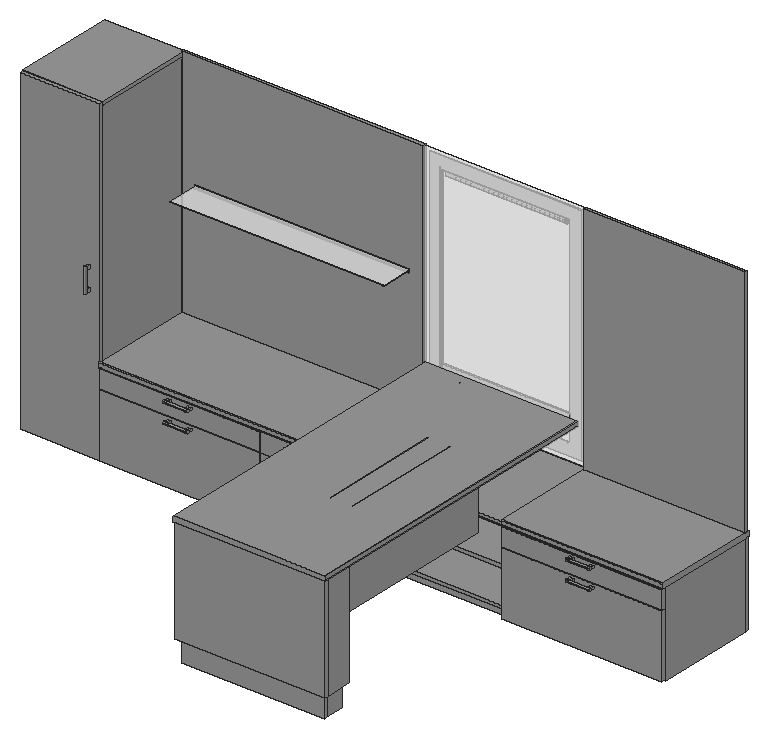
Revit family "JSI-Vision-Typical_Laminate-VST122", category Furniture, Revit 2020
Family settings
  OmniClass Number = 23.40.20.00
  OmniClass Title = General Furniture and Specialties
  Work Plane-Based = No
  Always vertical = Yes
  Cut with Voids When Loaded = No
  Shared = No
  Room Calculation Point = No
Parameters (values of type "VST122")
  URL = "www.jsifurniture.com"
  Type Comments = "Typical Laminate"  # constant formula
  Model = "VST122"
  Manufacturer = "JSI"  # constant formula
  Keynote = "12500"
  Default Elevation = 0"
  Assembly Code = "E2020200"
Reference planes (in)
  plane 1 "Center Front/Back": y = 0
  plane 2: z = 0
  plane 3 "Center Left/Right": x = 0
Dimensions and locks (in)
  aligned and locked: level to plane 2
Nested families (in)
  nested 1: "JSI-Vision-Wall_Panel_Magnetic_Glass" at (-72, 0, -9.5685), type "VSB3653WPGP, Wall Panel Magnetic Glass 52 3/16"H, 36"W"
  nested 2: "JSI-Vision-Wardrobe" at (-143.875, 0.125, 0), type "VST2418-72WL, Laminate 72" H Wdrb 24" x 30" - 1 Door"
    with Vertical Partition no, Top-Right Shelve no, Width 18", Unit Centre 8 15/16", Shelve Width 7 13/16", Right surface Dist. to Vertical Partition 3/4", Right Door no, Pull Distance 15 1/4", Left Shelves no, Height 72", Hanging Bar Distance 6 3/4", Door Width 17 3/4", Bottom-Right Shelves yes, Adjustable Shelves Array Distance 13.95", Actual Width 17 7/8", Actual Height 71 11/16", # of Adjustable Shelves 4
  nested 3: "JSI-Vision-Box_File_Modular_Bench_Pedestal" at (-90, 0, 0), type "VSTB2418MBF, Laminate BF Modular Bench H Ped"
    with Height 18.744", Depth 24"
  nested 4: "JSI-Vision-Box_File_Modular_Bench_Pedestal" at (-36, 0, 0), type "VSTB2436MBF, Laminate BF Modular Bench H Ped"
    with Width 36", Height 18.744", Depth 24"
  nested 5: "JSI-Vision-Bench_Height_Modular_Top" at (-36, 0, -0.756), type "VSTB2436MT, Laminate Mod Bench H Top, 24" x 36""
    with Width 36", Depth 24"
  nested 6: "JSI-Vision-Bench_Height_Modular_Top" at (-126, 0, -0.756), type "VSTB2454MT, Laminate Mod Bench H Top, 24" x 54""
    with Width 54", Depth 24"
  nested 7: "JSI-Vision-Box_File_Modular_Bench_Pedestal" at (-126, 0, 0), type "VSTB2436MBF, Laminate BF Modular Bench H Ped"
    with Width 36", Height 18.744", Depth 24"
  nested 8: "JSI-Vision-Adj_Height_Peninsula_Desk-Credenza" at (-36, 0, 0) x (0, -1, 0) z (0, 0, 1), type "VSTB3672-AH24PDR, Adj Height Peninsula Desk Credenza 20"H, 72"W"
  nested 9: "JSI-Vision-Wall_Panel_Laminate" at (-36, 0, -9.5685), type "VST3653WP, Laminate Wall Panel - 7 15/16d x 36w x 52 3/16h"
    with Width 36", Height 52.187"
  nested 10: "JSI-Vision-Wall_Panel_Markerboard_Laminate-Glass_Shelf" at (-126, 0, 0.119), type "VST5453WPGS, Wall Panel with Glass Shelf 52 3/16"H, 54"W"
    with Two Shelves yes, Qty Shelf 1, One Shelf yes, Dist Shelf 26 3/32", Width 54", Height 52 3/16"
  nested 11: "JSI-Vision-Filler_Back_Panel_for_Bench_Height" at (-4, 0, 0), type "VSTB0419MBK, Filler Back Panel for Bench Height 18 3/4"H, 4"W"
Definition of nested family "JSI-Vision-Wall_Panel_Magnetic_Glass"
  Parameters (values of type "VSB3653WPGP, Wall Panel Magnetic Glass 52 3/16"H, 36"W")
    Width = 36"
    URL = "www.jsifurniture.com"
    Type Comments = ""
    Series = "Vision Casegoods"  # constant formula
    Model = "VSB3653WPGP"
    Material = ""
    Manufacturer = "JSI"  # constant formula
    Keynote = "12500"  # constant formula
    SVX Enviromental Website = "http://www.jsifurniture.com/jsi_sustainability_intro.php"
    Height = 52 3/16"
    Hardware Finish = none
    Description = "Wall Panel Magnetic Glass -  7/16\"D x 36\"W x 52 3/16\"H"
    Depth = 7/16"
    Panel Finish = none
    Default Elevation = 0"
    Assembly Code = "E2020200"
  Types (2): name | Model | Height | Description
    VSB3653WPGP, Wall Panel Magnetic Glass 52 3/16"H, 36"W | "VSB3653WPGP" | 52 3/16" | "Wall Panel Magnetic Glass -  7/16\"D x 36\"W x 52 3/16\"H"
    VSB3654WPGP, Wall Panel Magnetic Glass 54 1/2"H, 36"W | "VSB3654WPGP" | 54 1/2" | "Wall Panel Magnetic Glass -  7/16\"D x 36\"W x 54 1/2\"H"
  Reference planes (in)
    plane 1 "Center Front/Back": y = 0
    plane 2: z = 0
    plane 3 "Center Left/Right": x = 0
    plane 4: z = 0
    plane 5: z = 81.6875
    plane 6: x = 36
    plane 7: y = -0.4375
    plane 8: z = 29.5
  Forms (in)
    Extrusion 1, solid, material <- "Panel Finish"
      sketch origin (0, -0.25, 0) x (1, 0, 0) y (0, 0, 1)
        loop
          line (0, 81.6875) -> (0, 29.5) -> (36, 29.5) -> (36, 81.6875) -> (0, 81.6875)
      from 0.03002 to 0.1875
    Sweep 2, solid, material <- "Hardware Finish"
      path origin (0, 0, 0) x (1, 0, 0) y (0, 0, 1)
        loop
          line (1, 80.6875) -> (1, 30.5) -> (35, 30.5) -> (35, 80.6875) -> (1, 80.6875)
      profile origin (18, 0, 80.6875) x (0, 0, 1) y (0, -1, 0)
        loop
          line (0, 0) -> (0, 0.28002) -> (-2.66142, 0.28002) -> (-2.66142, 0.20128) -> (-2.18898, 0.20128) -> (-2.18898, 0.07874) -> (-2.66142, 0.07874) -> (-2.66142, 0) -> (0, 0)
    Extrusion 3, solid, material <- "Hardware Finish"
      sketch origin (0, 0, 0) x (0, 1, 0) y (0, 0, 1)
        loop
          line (0, 36.40108) -> (0, 39.0625) -> (-0.28002, 39.0625) -> (-0.28002, 36.40108) -> (-0.20128, 36.40108) -> (-0.20128, 36.95226) -> (-0.07874, 36.95226) -> (-0.07874, 36.40108) -> (0, 36.40108)
      from 32.33858 to 3.66142
    Extrusion 4, solid, material <- "Hardware Finish"
      sketch origin (0, 0, 0) x (0, 1, 0) y (0, 0, 1)
        loop
          line (-0.1808, 36.95191) -> (-0.1808, 36.15) -> (-0.0558, 36.15) -> (-0.0558, 35.15) -> (0.0192, 35.15) -> (0.0192, 35.23062)
          arc (0.0192, 35.23062) -> (-0.01092, 35.26074) -> (0.0192, 35.29087) r 0.03012
          line (0.0192, 35.29087) -> (0.0192, 35.35562)
          arc (0.0192, 35.35562) -> (-0.01092, 35.38574) -> (0.0192, 35.41587) r 0.03012
          line (0.0192, 35.41587) -> (0.0192, 35.48062)
          arc (0.0192, 35.48062) -> (-0.01092, 35.51074) -> (0.0192, 35.54087) r 0.03012
          line (0.0192, 35.54087) -> (0.0192, 35.60562)
          arc (0.0192, 35.60562) -> (-0.01092, 35.63574) -> (0.0192, 35.66587) r 0.03012
          line (0.0192, 35.66587) -> (0.0192, 35.73062)
          arc (0.0192, 35.73062) -> (-0.01092, 35.76074) -> (0.0192, 35.79087) r 0.03012
          line (0.0192, 35.79087) -> (0.0192, 35.85562)
          arc (0.0192, 35.85562) -> (-0.01092, 35.88574) -> (0.0192, 35.91587) r 0.03012
          line (0.0192, 35.91587) -> (0.0192, 35.98062)
          arc (0.0192, 35.98062) -> (-0.01092, 36.01074) -> (0.0192, 36.04087) r 0.03012
          line (0.0192, 36.04087) -> (0.0192, 36.4) -> (-0.0858, 36.4) -> (-0.0858, 36.95191) -> (-0.1808, 36.95191)
        loop
          line (-0.1808, 78.57691) -> (-0.1808, 77.775) -> (-0.0558, 77.775) -> (-0.0558, 76.775) -> (0.0192, 76.775) -> (0.0192, 76.85562)
          arc (0.0192, 76.85562) -> (-0.01092, 76.88574) -> (0.0192, 76.91587) r 0.03012
          line (0.0192, 76.91587) -> (0.0192, 76.98062)
          arc (0.0192, 76.98062) -> (-0.01092, 77.01074) -> (0.0192, 77.04087) r 0.03012
          line (0.0192, 77.04087) -> (0.0192, 77.10562)
          arc (0.0192, 77.10562) -> (-0.01092, 77.13574) -> (0.0192, 77.16587) r 0.03012
          line (0.0192, 77.16587) -> (0.0192, 77.23062)
          arc (0.0192, 77.23062) -> (-0.01092, 77.26074) -> (0.0192, 77.29087) r 0.03012
          line (0.0192, 77.29087) -> (0.0192, 77.35562)
          arc (0.0192, 77.35562) -> (-0.01092, 77.38574) -> (0.0192, 77.41587) r 0.03012
          line (0.0192, 77.41587) -> (0.0192, 77.48062)
          arc (0.0192, 77.48062) -> (-0.01092, 77.51074) -> (0.0192, 77.54087) r 0.03012
          line (0.0192, 77.54087) -> (0.0192, 77.60562)
          arc (0.0192, 77.60562) -> (-0.01092, 77.63574) -> (0.0192, 77.66587) r 0.03012
          line (0.0192, 77.66587) -> (0.0192, 78.025) -> (-0.0858, 78.025) -> (-0.0858, 78.57691) -> (-0.1808, 78.57691)
      from 31.715 to 4.285
  Lines and regions (in)
    symbolic lines
      curve 1: line (0, -0.28002, 0) -> (36, -0.28002, 0)
      curve 2: line (0, -0.4375, 0) -> (0, -0.28002, 0)
      curve 3: line (36, -0.4375, 0) -> (0, -0.4375, 0)
      curve 4: line (36, -0.28002, 0) -> (36, -0.4375, 0)
      curve 5: line (1, -0.28002, 0) -> (1, 0, 0)
      curve 6: line (1, 0, 0) -> (35, 0, 0)
      curve 7: line (35, 0, 0) -> (35, -0.28002, 0)
  Dimensions and locks (in)
    "Width": plane 3 "Center Left/Right" to plane 6
    "Depth": plane 1 "Center Front/Back" to plane 7
    locked: plane 1 "Center Front/Back" to Extrusion 1 at 0.28002
    locked: plane 8 to plane 4 at 29.5
    "Height": plane 5 to plane 8
    locked: plane 5 to Sweep 2 sketch curve at 1
    locked: Sweep 2 sketch curve to plane 8 at 1
    locked: Sweep 2 sketch curve to plane 3 "Center Left/Right" at 1
    locked: Sweep 2 sketch curve to plane 6 at 1
    plane 5 to Sweep 2 sketch curve to Sweep 2 sketch curve to Sweep 2 sketch curve = 1" locked, 2.18898" locked, 0.47244" locked
    Extrusion 3 sketch curve to Extrusion 3 sketch curve to Extrusion 3 sketch curve to plane 8 = 2.11024" locked, 0.55118" locked, 6.90108" locked
    plane 8 to Extrusion 4 sketch curve to Extrusion 4 sketch curve to Extrusion 4 sketch curve to Extrusion 4 sketch curve to Extrusion 4 sketch curve to Extrusion 4 sketch curve to Extrusion 4 sketch curve to Extrusion 4 sketch curve to Extrusion 4 sketch curve to Extrusion 4 sketch curve to Extrusion 4 sketch curve = 5.65" locked, 0.11074" locked, 1/8" locked, 1/8" locked, 1/8" locked, 1/8" locked, 1/8" locked, 1/8" locked, 0.13926" locked, 1/4" locked, 0.55191" locked
    Extrusion 4 sketch curve to Extrusion 4 sketch curve to Extrusion 4 sketch curve to Extrusion 4 sketch curve to Extrusion 4 sketch curve to Extrusion 4 sketch curve to Extrusion 4 sketch curve to Extrusion 4 sketch curve to Extrusion 4 sketch curve to Extrusion 4 sketch curve to Extrusion 4 sketch curve to plane 5 = 0.11074" locked, 1/8" locked, 1/8" locked, 1/8" locked, 1/8" locked, 1/8" locked, 1/8" locked, 0.13926" locked, 1/4" locked, 0.55191" locked, 3.11059" locked
    locked: plane 3 "Center Left/Right" to Extrusion 4 at 4.285
    locked: plane 6 to Extrusion 4 at 4.285
    aligned and locked: level to plane 2
    aligned and locked: plane 3 "Center Left/Right" to Extrusion 1 sketch curve
    aligned and locked: plane 6 to Extrusion 1 sketch curve
    aligned and locked: Extrusion 1 to plane 7
    aligned and locked: Extrusion 1 to plane 6
    aligned and locked: Extrusion 1 to plane 3 "Center Left/Right"
    aligned and locked: Sweep 2 sketch curve to Sweep 2 sketch curve
    aligned and locked: Extrusion 1 to plane 8
    aligned and locked: Extrusion 3 sketch curve to Extrusion 3 sketch curve
    aligned and locked: Sweep 2 to Extrusion 3  (x2)
    aligned and locked: Extrusion 3 to Sweep 2
    aligned and locked: curve 1 to Extrusion 1
    aligned and locked: curve 2 to Extrusion 1
    aligned and locked: curve 3 to Extrusion 1
    aligned and locked: curve 4 to Extrusion 1
  Automatic sketch dimensions
    Extrusion 1 sketch curve to plane 8 = 0"
    Extrusion 1 sketch curve to plane 5 = 0"
    Sweep 2 sketch curve to plane 1 "Center Front/Back" = 0"
    Sweep 2 sketch curve to Sweep 2 sketch curve = 0.07874"
    Sweep 2 sketch curve to Sweep 2 sketch curve = 0.12254"
    Sweep 2 sketch curve to Sweep 2 sketch curve = 0.28002"
    Extrusion 3 sketch curve to plane 1 "Center Front/Back" = 0"
    plane 1 "Center Front/Back" to Extrusion 3 sketch curve = 0.07874"
    Extrusion 3 sketch curve to Extrusion 3 sketch curve = 0.12254"
    Extrusion 3 sketch curve to Extrusion 3 sketch curve = 0.07874"
    plane 1 "Center Front/Back" to Extrusion 4 sketch curve = 0.1808"  (x2)
    plane 1 "Center Front/Back" to Extrusion 4 sketch curve = 0.0858"  (x2)
    plane 1 "Center Front/Back" to Extrusion 4 sketch curve = 0.0558"  (x2)
    Extrusion 4 sketch curve to plane 1 "Center Front/Back" = 0.0192"  (x2)
    Extrusion 4 sketch curve to Extrusion 4 sketch curve = 0.03012"  (x14)
    plane 1 "Center Front/Back" to curve 6 = 0"
    plane 3 "Center Left/Right" to curve 6 = 1"
    curve 7 to curve 1 = 1"
Definition of nested family "JSI-Vision-Wardrobe"
  Parameters (values of type "Type Catalog")
    Vertical Partition = yes
    Top-Right Shelve = yes
    Top = none
    Width = 36"
    Unit Centre = Actual Width / 2  # 17 15/16"
    URL = "www.jsifurniture.com"
    Type Comments = ""
    Tag = "Storage/Wardrobe"
    Shelve Width = (Actual Width - 2 1/4") / 2  # 16 13/16"
    Shelve Depth = Depth - 2 13/16"  # 21 3/16"
    Series = "Vision Casegoods"  # constant formula
    Right surface Dist. to Vertical Partition = if(Vertical Partition, (Unit Centre + 3/8"), 3/4")  # 18 5/16"
    Right Door = yes
    Pull Finish = none
    Pull Distance = Door Width - 2 1/2"  # 15 5/16"
    Model = "Type Catalog"
    Material = ""
    Manufacturer = "JSI"  # constant formula
    Left Shelves = yes
    Left Door = yes
    Keynote = "12500"
    JSI Enviromental Website = "http://www.jsifurniture.com/jsi_sustainability_intro.php"
    Height = 84"
    Hanging Bar Distance = if(Height > 72", (Adjustable Shelves Array Distance + 6 3/4"), 6 3/4")  # 20 3/8"
    Door Width = if(Vertical Partition, ((Actual Width - (1/4")) / 2), (Actual Width - 1/8"))  # 17 13/16"
    Door Front = none
    Description = "Type Catalog"
    Depth = 24"
    Default Elevation = 0"
    Chassis = none
    Bottom-Right Shelves = no
    Assembly Code = "E2020200"
    Adjustable Shelves Array Distance = (Actual Height - 1 15/16") / (# of Adjustable Shelves + 1)  # 13 5/8"
    Actual Width = Width - 1/8"  # 35 7/8"
    Actual Height = if(Height > 54", (Height - 5/16"), (if(Height > 42", (Height + 1 1/8"), if(Height > 30", (Height - 3/8"), (Height - 13/16")))))  # 83 11/16"
    # of Adjustable Shelves = if(Height > 72", 5, 4)  # 5
  Reference planes (in)
    plane 1 "Center Front/Back": y = 0
    plane 2: z = 0
    plane 3 "Center Left/Right": x = 0
    plane 4: z = 0
    plane 5: x = 35.875
    plane 6: y = -0.125
    plane 7: y = -23
    plane 8: z = 83.6875
    plane 9: y = -0.875
    plane 10: y = -22.8125
    plane 11: y = -22.0625
    plane 12: x = 0.75
    plane 13: x = 35.125
    plane 14: z = 1.1875
    plane 15: z = 1.9375
    plane 16: z = 82.9375
    plane 17: z = 83.3125
    plane 18: z = 15.1875
    plane 19: z = 28.8125
    plane 20: z = 42.4375
    plane 21: z = 56.0625
    plane 22: z = 69.6875
    plane 23: z = 70.0625
    plane 24: z = 69.3125
    plane 25: z = 56.4375
    plane 26: z = 55.6875
    plane 27: z = 42.8125
    plane 28: z = 42.0625
    plane 29: z = 29.1875
    plane 30: z = 28.4375
    plane 31: z = 15.5625
    plane 32: z = 14.8125
    plane 33: x = 17.9375
    plane 34: x = 0.0625
    plane 35: x = 35.8125
    plane 36: x = 18
    plane 37: x = 17.875
    plane 38: z = 0.125
    plane 39: y = -23.125
    plane 40: y = -23.875
    plane 41: z = 1.5625
    plane 42: x = 18.3125
    plane 43: x = 17.5625
    plane 44: y = -24
    plane 45: z = 83.625
    plane 46: z = 63.3125
    plane 47: y = -11.5625
    plane 48: z = 41.84375
    plane 49: x = 20.5
    plane 50: x = 15.375
    plane 51: z = 20.3125
    plane 52: z = 19.5625
    plane 53: x = 18.3125
  Forms (in)
    Extrusion 1, solid, material <- "Chassis"
      sketch origin (0, 0, 0) x (1, 0, 0) y (0, 1, 0)
        loop
          line (0, -0.125) -> (0, -0.875) -> (35.875, -0.875) -> (35.875, -0.125) -> (0, -0.125)
      from 0 to 82.9375
    Extrusion 2, solid, material <- "Chassis"
      sketch origin (0, 0, 0) x (1, 0, 0) y (0, 1, 0)
        loop
          line (0, -0.875) -> (0, -23) -> (0.75, -23) -> (0.75, -0.875) -> (0, -0.875)
      from 0 to 82.9375
    Extrusion 3, solid, material <- "Chassis"
      sketch origin (0, 0, 0) x (1, 0, 0) y (0, 1, 0)
        loop
          line (35.125, -0.875) -> (35.125, -23) -> (35.875, -23) -> (35.875, -0.875) -> (35.125, -0.875)
      from 0 to 82.9375
    Extrusion 4, solid, material <- "Top"
      sketch origin (0, 0, 0) x (0, 1, 0) y (0, 0, 1)
        loop
          line (-0.125, 83.6875) -> (-23, 83.6875) -> (-23, 82.9375) -> (-0.125, 82.9375) -> (-0.125, 83.6875)
      from 0 to 35.875
    Extrusion 5, solid, material <- "Chassis"
      sketch origin (0, 0, 0) x (0, 1, 0) y (0, 0, 1)
        loop
          line (-0.875, 1.9375) -> (-22.0625, 1.9375) -> (-22.0625, 1.1875) -> (-0.875, 1.1875) -> (-0.875, 1.9375)
      from 0.75 to 35.125
    Extrusion 6, solid, material <- "Chassis"
      sketch origin (0, 0, 0) x (0, 1, 0) y (0, 0, 1)
        loop
          line (-22.0625, 1.9375) -> (-22.8125, 1.9375) -> (-22.8125, 0) -> (-22.0625, 0) -> (-22.0625, 1.9375)
      from 0.75 to 35.125
    Extrusion 7, solid, material <- "Door Front", visible <- "Left Door"
      sketch origin (0, 0, 0) x (1, 0, 0) y (0, 1, 0)
        loop
          line (0.0625, -23.125) -> (0.0625, -23.875) -> (17.875, -23.875) -> (17.875, -23.125) -> (0.0625, -23.125)
      from 0.125 to 83.625
    Extrusion 8, solid, material <- "Door Front", visible <- "Right Door"
      sketch origin (0, 0, 0) x (1, 0, 0) y (0, 1, 0)
        loop
          line (18, -23.125) -> (18, -23.875) -> (35.8125, -23.875) -> (35.8125, -23.125) -> (18, -23.125)
      from 0.125 to 83.625
    Extrusion 9, solid, material <- "Chassis", visible <- "Vertical Partition"
      sketch origin (0, 0, 0) x (1, 0, 0) y (0, 1, 0)
        loop
          line (17.5625, -0.875) -> (17.5625, -23) -> (18.3125, -23) -> (18.3125, -0.875) -> (17.5625, -0.875)
      from 1.9375 to 82.9375
    Extrusion 10, solid, material <- "Chassis", visible <- "Left Shelves"
      sketch origin (0, 0, 0) x (0, 1, 0) y (0, 0, 1)
        loop
          line (-0.875, 15.5625) -> (-22.0625, 15.5625) -> (-22.0625, 14.8125) -> (-0.875, 14.8125) -> (-0.875, 15.5625)
      from 0.75 to 17.5625
    Extrusion 11, solid, material <- "Chassis", visible <- "Top-Right Shelve"
      sketch origin (0, 0, 0) x (0, 1, 0) y (0, 0, 1)
        loop
          line (-0.875, 70.0625) -> (-22.0625, 70.0625) -> (-22.0625, 69.3125) -> (-0.875, 69.3125) -> (-0.875, 70.0625)
      from 18.3125 to 35.125
    Extrusion 12, solid, material <- "Pull Finish"
      sketch origin (0, 0, 0) x (0, 1, 0) y (0, 0, 1)
        loop
          circle (-11.5625, 63.3125) r 0.5
      from 18.3125 to 35.125
    Extrusion 13, solid, material <- "Chassis", visible <- "Left Shelves"
      sketch origin (0, 0, 13.625) x (0, 1, 0) y (0, 0, 1)
        loop
          line (-0.875, 15.5625) -> (-22.0625, 15.5625) -> (-22.0625, 14.8125) -> (-0.875, 14.8125) -> (-0.875, 15.5625)
      from 0.75 to 17.5625
    Extrusion 14, solid, material <- "Chassis", visible <- "Left Shelves"
      sketch origin (0, 0, 27.25) x (0, 1, 0) y (0, 0, 1)
        loop
          line (-0.875, 15.5625) -> (-22.0625, 15.5625) -> (-22.0625, 14.8125) -> (-0.875, 14.8125) -> (-0.875, 15.5625)
      from 0.75 to 17.5625
    Extrusion 15, solid, material <- "Chassis", visible <- "Left Shelves"
      sketch origin (0, 0, 40.875) x (0, 1, 0) y (0, 0, 1)
        loop
          line (-0.875, 15.5625) -> (-22.0625, 15.5625) -> (-22.0625, 14.8125) -> (-0.875, 14.8125) -> (-0.875, 15.5625)
      from 0.75 to 17.5625
    Extrusion 16, solid, material <- "Chassis", visible <- "Bottom-Right Shelves"
      sketch origin (0, 0, 0) x (0, 1, 0) y (0, 0, 1)
        loop
          line (-22.0625, 29.1875) -> (-22.0625, 28.4375) -> (-0.875, 28.4375) -> (-0.875, 29.1875) -> (-22.0625, 29.1875)
      from 18.3125 to 35.125
    Extrusion 17, solid, material <- "Chassis", visible <- "Bottom-Right Shelves"
      sketch origin (0, 0, 0) x (0, 1, 0) y (0, 0, 1)
        loop
          line (-22.0625, 20.3125) -> (-22.0625, 19.5625) -> (-0.875, 19.5625) -> (-0.875, 20.3125) -> (-22.0625, 20.3125)
      from 18.3125 to 35.125
    Extrusion 18, solid, material <- "Chassis", visible <- "Left Shelves"
      sketch origin (0, 0, 54.5) x (0, 1, 0) y (0, 0, 1)
        loop
          line (-0.875, 15.5625) -> (-22.0625, 15.5625) -> (-22.0625, 14.8125) -> (-0.875, 14.8125) -> (-0.875, 15.5625)
      from 0.75 to 17.5625
  Lines and regions (in)
    symbolic lines
      curve 1: line (35.875, -0.125, 0) -> (0, -0.125, 0)
      curve 2: line (0, -0.125, 0) -> (0, -23, 0)
      curve 3: line (35.875, -23, 0) -> (35.875, -0.125, 0)
      curve 4: line (0, -23, 0) -> (35.875, -23, 0)
      curve 5: line (17.875, -23.875, 0) -> (17.875, -23.125, 0)
      curve 6: line (0.0625, -23.875, 0) -> (17.875, -23.875, 0)
      curve 7: line (17.875, -23.125, 0) -> (0.0625, -23.125, 0)
      curve 8: line (0.0625, -23.125, 0) -> (0.0625, -23.875, 0)
      curve 9: line (35.8125, -23.125, 20.3125) -> (18, -23.125, 20.3125)
      curve 10: line (18, -23.875, 20.3125) -> (35.8125, -23.875, 20.3125)
      curve 11: line (18, -23.125, 20.3125) -> (18, -23.875, 20.3125)
      curve 12: line (35.8125, -23.875, 20.3125) -> (35.8125, -23.125, 20.3125)
  Dimensions and locks (in)
    locked: plane 6 to plane 1 "Center Front/Back" at 0.125
    plane 7 to plane 10 to plane 11 = 3/16" locked, 3/4" locked
    locked: plane 3 "Center Left/Right" to plane 12 at 0.75
    locked: plane 13 to plane 5 at 0.75
    plane 15 to plane 14 to plane 4 = 3/4" locked, 1 3/16" locked
    locked: plane 8 to plane 16 at 0.75
    locked: plane 17 to plane 16 at 0.375
    plane 23 to plane 22 to plane 24 = 3/8" locked, 3/8" locked
    plane 25 to plane 21 to plane 26 = 3/8" locked, 3/8" locked
    plane 27 to plane 20 to plane 28 = 3/8" locked, 3/8" locked
    plane 29 to plane 19 to plane 30 = 3/8" locked, 3/8" locked
    plane 31 to plane 18 to plane 32 = 3/8" locked, 3/8" locked
    "Actual Width": plane 3 "Center Left/Right" to plane 5
    "Unit Centre": plane 3 "Center Left/Right" to plane 33
    "Actual Height": plane 8 to plane 4
    locked: plane 3 "Center Left/Right" to plane 34 at 0.0625
    locked: plane 35 to plane 5 at 0.0625
    plane 40 to plane 39 to plane 7 = 3/4" locked, 1/8" locked
    "Door Width": plane 34 to plane 37
    "Door Width": plane 36 to plane 35
    locked: plane 15 to plane 41 at 0.375
    plane 43 to plane 33 to plane 42 = 3/8" locked, 3/8" locked
    "Depth": plane 44 to plane 1 "Center Front/Back"
    locked: plane 44 to plane 40 at 0.125
    "Adjustable Shelves Array Distance": Extrusion 10 to plane 15
    locked: plane 8 to plane 45 at 0.0625
    "Adjustable Shelves Array Distance": plane 17 to plane 22
    equal spacing: plane 6, plane 47, plane 7
    equal spacing: plane 8, plane 48, plane 4
    "Shelve Depth": Extrusion 10 sketch curve to Extrusion 10 sketch curve
    "Shelve Depth": Extrusion 13 sketch curve to Extrusion 13 sketch curve
    equal spacing: group 1, group 2, group 3, group 4, group 5  (x3)
    "Shelve Width": Extrusion 10 to Extrusion 10
    "Shelve Depth": Extrusion 14 sketch curve to Extrusion 14 sketch curve
    "Shelve Width": Extrusion 14 to Extrusion 14
    "Shelve Depth": Extrusion 15 sketch curve to Extrusion 15 sketch curve
    "Shelve Width": Extrusion 15 to Extrusion 15
    "Shelve Width": Extrusion 13 to Extrusion 13
    "Hanging Bar Distance": plane 8 to plane 46
    "Adjustable Shelves Array Distance": Extrusion 13 to Extrusion 10
    plane 30 to plane 51 to plane 52 = 8 1/8" locked, 3/4" locked
    "Pull Distance": plane 49 to plane 35
    "Pull Distance": plane 34 to plane 50
    "Right surface Dist. to Vertical Partition": plane 53 to plane 3 "Center Left/Right"
    "Shelve Depth": Extrusion 18 sketch curve to Extrusion 18 sketch curve
    "Shelve Width": Extrusion 18 to Extrusion 18
    locked: plane 38 to plane 4 at 0.125
    radius of Extrusion 12 sketch curve = 1/2"
    aligned and locked: level to plane 2
    aligned and locked: plane 6 to Extrusion 1 sketch curve
    aligned and locked: Extrusion 1 sketch curve to plane 9
    aligned and locked: Extrusion 1 sketch curve to plane 5
    aligned and locked: plane 3 "Center Left/Right" to Extrusion 1 sketch curve
    aligned and locked: Extrusion 1 to plane 4
    aligned and locked: plane 16 to Extrusion 1
    aligned and locked: plane 3 "Center Left/Right" to Extrusion 2 sketch curve
    aligned and locked: Extrusion 2 sketch curve to plane 12
    aligned and locked: Extrusion 2 sketch curve to plane 7
    aligned and locked: plane 9 to Extrusion 2 sketch curve
    aligned and locked: plane 13 to Extrusion 3 sketch curve
    aligned and locked: Extrusion 3 sketch curve to plane 5
    aligned and locked: Extrusion 3 sketch curve to plane 7
    aligned and locked: plane 9 to Extrusion 3 sketch curve
    aligned and locked: Extrusion 2 to plane 4
    aligned and locked: Extrusion 3 to plane 4
    aligned and locked: plane 16 to Extrusion 2
    aligned and locked: plane 16 to Extrusion 3
    aligned and locked: plane 16 to Extrusion 4 sketch curve
    aligned and locked: Extrusion 4 sketch curve to plane 8
    aligned and locked: plane 6 to Extrusion 4 sketch curve
    aligned and locked: Extrusion 4 sketch curve to plane 7
    aligned and locked: Extrusion 4 to plane 3 "Center Left/Right"
    aligned and locked: plane 5 to Extrusion 4
    aligned and locked: Extrusion 5 sketch curve to plane 11
    aligned and locked: plane 14 to Extrusion 5 sketch curve
    aligned and locked: Extrusion 5 sketch curve to plane 15
    aligned and locked: plane 9 to Extrusion 5 sketch curve
    aligned and locked: Extrusion 5 to plane 12
    aligned and locked: plane 13 to Extrusion 5
    aligned and locked: plane 11 to Extrusion 6 sketch curve
    aligned and locked: Extrusion 6 sketch curve to plane 10
    aligned and locked: plane 4 to Extrusion 6 sketch curve
    aligned and locked: Extrusion 6 sketch curve to plane 15
    aligned and locked: Extrusion 6 to plane 12
    aligned and locked: plane 13 to Extrusion 6
    aligned and locked: level to plane 4
    aligned and locked: plane 33 to nested 1
    aligned and locked: plane 40 to nested 1
    aligned and locked: plane 39 to Extrusion 7 sketch curve
    aligned and locked: Extrusion 7 sketch curve to plane 40
    aligned and locked: Extrusion 7 sketch curve to plane 37
    aligned and locked: plane 34 to Extrusion 7 sketch curve
    aligned and locked: plane 39 to Extrusion 8 sketch curve
    aligned and locked: Extrusion 8 sketch curve to plane 40
    aligned and locked: Extrusion 8 sketch curve to plane 35
    aligned and locked: plane 36 to Extrusion 8 sketch curve
    aligned and locked: Extrusion 7 to plane 38
    aligned and locked: Extrusion 8 to plane 38
    aligned and locked: plane 43 to Extrusion 9 sketch curve
    aligned and locked: Extrusion 9 sketch curve to plane 42
    aligned and locked: plane 9 to Extrusion 9 sketch curve
    aligned and locked: Extrusion 9 sketch curve to plane 7
    aligned and locked: Extrusion 9 to plane 15
    aligned and locked: plane 16 to Extrusion 9
    aligned and locked: plane 45 to Extrusion 7
    aligned and locked: plane 45 to Extrusion 8
    aligned and locked: Extrusion 11 sketch curve to plane 23
    aligned and locked: plane 24 to Extrusion 11 sketch curve
    aligned and locked: plane 9 to Extrusion 11 sketch curve
    aligned and locked: Extrusion 11 sketch curve to plane 11
    aligned and locked: plane 13 to Extrusion 11
    aligned and locked: plane 13 to Extrusion 12
    aligned and locked: Extrusion 10 to plane 9
    aligned and locked: plane 50 to nested 3
    aligned and locked: plane 49 to nested 2
    aligned and locked: plane 48 to nested 3
    aligned and locked: plane 48 to nested 2
    aligned and locked: plane 43 to Extrusion 10
    aligned and locked: plane 43 to Extrusion 13
    aligned and locked: Extrusion 13 to plane 9
    aligned and locked: plane 40 to nested 3
    aligned and locked: plane 40 to nested 2
    aligned and locked: Extrusion 16 sketch curve to plane 29
    aligned and locked: plane 30 to Extrusion 16 sketch curve
    aligned and locked: plane 9 to Extrusion 16 sketch curve
    aligned and locked: Extrusion 16 sketch curve to plane 11
    aligned and locked: plane 13 to Extrusion 16
    aligned and locked: Extrusion 17 sketch curve to plane 51
    aligned and locked: plane 52 to Extrusion 17 sketch curve
    aligned and locked: Extrusion 17 sketch curve to plane 11
    aligned and locked: plane 9 to Extrusion 17 sketch curve
    aligned and locked: plane 13 to Extrusion 17
    aligned and locked: plane 53 to Extrusion 12
    aligned and locked: plane 53 to Extrusion 11
    aligned and locked: plane 53 to Extrusion 17
    aligned and locked: plane 53 to Extrusion 16
    aligned and locked: curve 1 to Extrusion 4
    aligned and locked: curve 2 to Extrusion 4
    aligned and locked: curve 3 to Extrusion 4
    aligned and locked: curve 4 to Extrusion 4
    aligned and locked: curve 5 to Extrusion 7
    aligned and locked: curve 6 to Extrusion 7
    aligned and locked: curve 7 to Extrusion 7
    aligned and locked: curve 8 to Extrusion 7
    aligned and locked: curve 9 to Extrusion 8
    aligned and locked: curve 10 to Extrusion 8
    aligned and locked: curve 11 to Extrusion 8
    aligned and locked: curve 12 to Extrusion 8
  Automatic sketch dimensions
    Extrusion 12 sketch curve to plane 46 = 0"
    Extrusion 12 sketch curve to plane 47 = 0"
    Extrusion 10 sketch curve to Extrusion 10 sketch curve = 3/4"
    Extrusion 13 sketch curve to Extrusion 13 sketch curve = 3/4"
    Extrusion 14 sketch curve to Extrusion 14 sketch curve = 3/4"
    Extrusion 15 sketch curve to Extrusion 15 sketch curve = 3/4"
    Extrusion 18 sketch curve to Extrusion 18 sketch curve = 3/4"
  Nested families (in)
    nested 1: "Label 1-16 OH" at (17.9375, -23.875, 0), type "OH DOORS"
    nested 2: "Vertical Bar Pull" at (20.5, -23.875, 41.84375), Pull Finish <- "Pull Finish", visible <- "Right Door", type "PL"
      with Pull Finish none
    nested 3: "Vertical Bar Pull" at (15.375, -23.875, 41.84375), Pull Finish <- "Pull Finish", visible <- "Left Door", type "PL"
      with Pull Finish none
  Definition of nested family "Vertical Bar Pull"
    Parameters
      Pull Finish [instance] = none
      Default Elevation = 0"
    Reference planes (in)
      plane 1 "Center Front/Back": y = 0
      plane 2: z = 0
      plane 3 "Center Left/Right": x = 0
      plane 4: x = -2.68731
      plane 5: x = -1.88731
      plane 6: x = 2.68731
      plane 7: x = 1.88731
      plane 8: y = -1
      plane 9: y = -0.85202
      plane 10: z = 2.68731
      plane 11: z = 1.88731
      plane 12: z = -1.88731
      plane 13: z = -2.68731
    Forms (in)
      Extrusion 1, solid, material <- "Pull Finish"
        sketch origin (0, 0, 0) x (0, 1, 0) y (-1, 0, 0)
          loop
            line (0, -0.2015) -> (0, 0.2015) -> (-0.85202, 0.2015)
            arc (-0.85202, 0.2015) -> (-0.75, 0) -> (-0.85202, -0.2015) r 0.25
            line (-0.85202, -0.2015) -> (0, -0.2015)
        from 1.88731 to 2.68731
      Extrusion 2, solid, material <- "Pull Finish"
        sketch origin (0, 0, 0) x (0, 1, 0) y (-1, 0, 0)
          loop
            circle (-1, 0) r 0.25
        from -2.68731 to 2.68731
      Extrusion 3, solid, material <- "Pull Finish"
        sketch origin (0, 0, 0) x (1, 0, 0) y (0, 1, 0)
          loop
            line (0.2015, 0) -> (-0.2015, 0) -> (-0.2015, -0.85202)
            arc (-0.2015, -0.85202) -> (0, -0.75) -> (0.2015, -0.85202) r 0.25
            line (0.2015, -0.85202) -> (0.2015, 0)
        from 1.88731 to 2.68731
      Extrusion 4, solid, material <- "Pull Finish"
        sketch origin (0, 0, -4.57462) x (1, 0, 0) y (0, 1, 0)
          loop
            line (0.2015, 0) -> (-0.2015, 0) -> (-0.2015, -0.85202)
            arc (-0.2015, -0.85202) -> (0, -0.75) -> (0.2015, -0.85202) r 0.25
            line (0.2015, -0.85202) -> (0.2015, 0)
        from 1.88731 to 2.68731
    Dimensions and locks (in)
      plane 4 to plane 5 to plane 3 "Center Left/Right" to plane 7 to plane 6 = 0.8" locked, 1.88731" locked, 1.88731" locked, 0.8" locked
      plane 8 to plane 9 to plane 1 "Center Front/Back" = 0.14798" locked, 0.85202" locked
      plane 13 to plane 12 to plane 2 to plane 11 to plane 10 = 0.8" locked, 1.88731" locked, 1.88731" locked, 0.8" locked
      plane 1 "Center Front/Back" to plane 9 to plane 8 = 0.85202" locked, 0.14798" locked
      aligned and locked: level to plane 2
      aligned and locked: plane 8 to Extrusion 2 sketch curve
      aligned and locked: Extrusion 3 to plane 1 "Center Front/Back"
      aligned and locked: Extrusion 1 to plane 1 "Center Front/Back"
      aligned and locked: Extrusion 4 to plane 1 "Center Front/Back"
      aligned and locked: Extrusion 3 to plane 10
      aligned and locked: Extrusion 3 to plane 11
      aligned and locked: Extrusion 2 to plane 10
      aligned and locked: Extrusion 2 to plane 13
      aligned and locked: Extrusion 4 to plane 13
      aligned and locked: Extrusion 4 to plane 12
      aligned and locked: plane 1 "Center Front/Back" to Extrusion 4
      aligned and locked: plane 1 "Center Front/Back" to Extrusion 3
      aligned and locked: Extrusion 4 to plane 9
      aligned and locked: Extrusion 3 to plane 9
  Definition of nested family "Label 1-16 OH"
    Parameters
      Width = 1"
      Model Name = "Storage/Wardrobe"
    Reference planes (in)
      plane 1: y = 0
      plane 2: x = 0
    Text (in)
      label "XX" at (0.00051, -0.12324, 0), shows "Model Name"
Definition of nested family "JSI-Vision-Box_File_Modular_Bench_Pedestal"
  Parameters (values of type "Type Catalog")
    Width = 18"
    URL = "www.jsifurniture.com"
    Top = none
    Tag = "BF"
    Series = "Vision Casegoods"  # constant formula
    Pull Finish = none
    Model = "Type Catalog"
    Manufacturer = "JSI"  # constant formula
    Keynote = "12500"
    JSI Enviromental Website = "http://www.jsifurniture.com/jsi_sustainability_intro.php"
    Height = 18 3/4"
    Description = "Type Catalog"
    Depth = 18"
    Default Elevation = 0"
    Chassis = none
    Drawer Front = none
    Assembly Code = "E2020200"
  Reference planes (in)
    plane 1 "Center Front/Back": y = 0
    plane 2: z = 0
    plane 3 "Center Left/Right": x = 0
    plane 4: x = 18
    plane 5: y = -17.12
    plane 6: y = -17.25
    plane 7: x = 0.0625
    plane 8: x = 17.9375
    plane 9: y = -18
    plane 10: z = 0.14
    plane 11: z = 14.3909
    plane 12: z = 14.5159
    plane 13: x = 0.75
    plane 14: x = 17.25
    plane 15: y = -0.75
    plane 16: y = -16.37913
    plane 17: x = 9
    plane 18: z = 18.75
    plane 19: z = 18.6409
    plane 20: z = 18
  Forms (in)
    Extrusion 1, solid, material <- "Chassis"
      sketch origin (0.125, -0.1875, 48) x (0, 1, 0) y (0, 0, 1)
        loop
          line (-0.5625, -29.25) -> (-16.9325, -29.25) -> (-16.9325, -48) -> (-0.5625, -48) -> (-0.5625, -29.25)
      from -0.125 to 0.625
    Extrusion 2, solid, material <- "Chassis"
      sketch origin (29.875, -0.1875, 48) x (0, 1, 0) y (0, 0, 1)
        loop
          line (-0.5625, -29.25) -> (-16.9325, -29.25) -> (-16.9325, -48) -> (-0.5625, -48) -> (-0.5625, -29.25)
      from -12.625 to -11.875
    Extrusion 3, solid, material <- "Drawer Front"
      sketch origin (0, 0, 0) x (1, 0, 0) y (0, 0, 1)
        loop
          line (0.0625, 18.6409) -> (0.0625, 14.5159) -> (17.9375, 14.5159) -> (17.9375, 18.6409) -> (0.0625, 18.6409)
        loop
          line (0.0625, 14.3909) -> (0.0625, 0.14) -> (17.9375, 0.14) -> (17.9375, 14.3909) -> (0.0625, 14.3909)
      from 17.25 to 18
    Extrusion 4, solid, material <- "Chassis"
      sketch origin (0, 0, 0) x (1, 0, 0) y (0, 1, 0)
        loop
          line (0.75, -16.37913) -> (0.75, -17.12) -> (17.25, -17.12) -> (17.25, -16.37913) -> (0.75, -16.37913)
      from 0 to 1.9375
    Extrusion 5, solid, material <- "Top"
      sketch origin (0, 0, 0) x (0, 1, 0) y (0, 0, 1)
        loop
          line (-1.5, 18.75) -> (-17.12, 18.75) -> (-17.12, 18) -> (-1.5, 18) -> (-1.5, 18.75)
      from 0.75 to 17.25
    Extrusion 6, solid, material <- "Chassis"
      sketch origin (0, 0, 0) x (0, 1, 0) y (0, 0, 1)
        loop
          line (-1.5, 13.75) -> (-0.75, 13.75) -> (-0.75, 18.75) -> (-1.5, 18.75) -> (-1.5, 13.75)
        loop
          line (-1.5, 0) -> (-0.75, 0) -> (-0.75, 5) -> (-1.5, 5) -> (-1.5, 0)
      from 0.75 to 17.25
  Lines and regions (in)
    symbolic lines
      curve 1: line (0, 0, 0) -> (18, 0, 0)
      curve 2: line (0, -17.12, 0) -> (0, 0, 0)
      curve 3: line (18, -17.12, 0) -> (0, -17.12, 0)
      curve 4: line (18, 0, 0) -> (18, -17.12, 0)
      curve 5: line (0.0625, -17.25, 0) -> (17.9375, -17.25, 0)
      curve 6: line (0.0625, -18, 0) -> (0.0625, -17.25, 0)
      curve 7: line (17.9375, -18, 0) -> (0.0625, -18, 0)
      curve 8: line (17.9375, -17.25, 0) -> (17.9375, -18, 0)
  Dimensions and locks (in)
    plane 16 to plane 5 to plane 6 to plane 9 = 0.74087" locked, 0.13" locked, 3/4" locked
    "Depth": plane 1 "Center Front/Back" to plane 9
    locked: plane 19 to plane 18 at 0.1091
    "Width": plane 3 "Center Left/Right" to plane 4
    equal spacing: plane 3 "Center Left/Right", plane 17, plane 4
    plane 1 "Center Front/Back" to plane 15 = 3/4"
    "Height": plane 18 to level
    locked: plane 18 to plane 20 at 0.75
    locked: plane 12 to plane 11 at 0.125
    plane 19 to plane 12 to plane 10 to plane 2 = 4 1/8" locked, 14.3759" locked, 0.14" locked
    plane 3 "Center Left/Right" to plane 7 to plane 13 = 1/16" locked, 11/16" locked
    plane 14 to plane 8 to plane 4 = 11/16" locked, 1/16" locked
    locked: Extrusion 6 sketch curve to plane 2 at 5
    locked: Extrusion 6 sketch curve to plane 18 at 5
    locked: plane 15 to Extrusion 6 sketch curve at 0.75
    locked: Extrusion 3 to nested 2 at 0.75
    locked: Extrusion 3 to nested 1 at 0.75
    aligned and locked: level to plane 2
    aligned and locked: plane 15 to Extrusion 1 sketch curve
    aligned and locked: Extrusion 1 sketch curve to plane 5
    aligned and locked: Extrusion 1 sketch curve to level
    aligned and locked: plane 13 to Extrusion 1
    aligned and locked: Extrusion 2 sketch curve to plane 15
    aligned and locked: level to Extrusion 2 sketch curve
    aligned and locked: plane 5 to Extrusion 2 sketch curve
    aligned and locked: Extrusion 3 sketch curve to plane 7  (x2)
    aligned and locked: plane 8 to Extrusion 3 sketch curve  (x2)
    aligned and locked: plane 12 to Extrusion 3 sketch curve
    aligned and locked: Extrusion 3 sketch curve to plane 11
    aligned and locked: plane 10 to Extrusion 3 sketch curve
    aligned and locked: Extrusion 3 to plane 9
    aligned and locked: plane 6 to Extrusion 3
    aligned and locked: Extrusion 4 sketch curve to plane 16
    aligned and locked: plane 13 to Extrusion 4 sketch curve
    aligned and locked: nested 1 to plane 9
    aligned and locked: nested 2 to plane 9
    aligned and locked: nested 2 to plane 17
    aligned and locked: nested 1 to plane 17
    aligned and locked: plane 17 to nested 3
    aligned and locked: nested 3 to plane 9
    aligned and locked: plane 18 to Extrusion 2
    aligned and locked: plane 18 to Extrusion 1
    aligned and locked: plane 19 to Extrusion 3 sketch curve
    aligned and locked: Extrusion 1 to plane 3 "Center Left/Right"
    aligned and locked: plane 3 "Center Left/Right" to curve 2
    aligned and locked: plane 1 "Center Front/Back" to curve 1
    aligned and locked: plane 4 to Extrusion 2
    aligned and locked: curve 4 to plane 4
    aligned and locked: Extrusion 5 sketch curve to plane 18
    aligned and locked: Extrusion 2 to plane 14
    aligned and locked: Extrusion 5 to plane 5
    aligned and locked: plane 14 to Extrusion 5
    aligned and locked: Extrusion 6 sketch curve to Extrusion 6 sketch curve  (x2)
    aligned and locked: plane 15 to Extrusion 6 sketch curve
    aligned and locked: plane 18 to Extrusion 6 sketch curve
    aligned and locked: Extrusion 6 sketch curve to plane 2
    aligned and locked: Extrusion 6 to Extrusion 5 sketch curve
    aligned and locked: Extrusion 6 to plane 13
    aligned and locked: plane 14 to Extrusion 6
  Automatic sketch dimensions
    Extrusion 4 sketch curve to plane 5 = 0"
    Extrusion 4 sketch curve to plane 14 = 0"
    curve 6 to plane 6 = 0"
    curve 6 to plane 7 = 0"
    curve 5 to plane 8 = 0"
    curve 6 to plane 9 = 0"
    curve 2 to plane 5 = 0"
    Extrusion 1 sketch curve to plane 18 = 0"
    Extrusion 2 sketch curve to plane 18 = 0"
    Extrusion 5 sketch curve to Extrusion 5 sketch curve = 3/4"
    plane 9 to Extrusion 5 sketch curve = 0.88"
  Nested families (in)
    nested 1: "Bar Pull" at (9, -18, 13.6409), Pull Finish <- "Pull Finish", type "PL"
      with Pull Finish none
    nested 2: "Bar Pull" at (9, -18, 17.8909), Pull Finish <- "Pull Finish", type "PL"
      with Pull Finish none
    nested 3: "Label 1-16" at (9, -18, 0), type "DRWCFG"
  Definition of nested family "Bar Pull"
    Parameters
      Pull Finish [instance] = none
      Default Elevation = 0"
    Reference planes (in)
      plane 1 "Center Front/Back": y = 0
      plane 2: z = 0
      plane 3 "Center Left/Right": x = 0
      plane 4: x = -2.68731
      plane 5: x = -1.88731
      plane 6: x = 2.68731
      plane 7: x = 1.88731
      plane 8: y = -1
      plane 9: y = -0.85202
    Forms (in)
      Extrusion 1, solid, material <- "Pull Finish"
        sketch origin (0, 0, 0) x (0, 1, 0) y (0, 0, 1)
          loop
            line (0, -0.2015) -> (0, 0.2015) -> (-0.85202, 0.2015)
            arc (-0.85202, 0.2015) -> (-0.75, 0) -> (-0.85202, -0.2015) r 0.25
            line (-0.85202, -0.2015) -> (0, -0.2015)
        from 1.88731 to 2.68731
      Extrusion 2, solid, material <- "Pull Finish"
        sketch origin (0, 0, 0) x (0, 1, 0) y (0, 0, 1)
          loop
            circle (-1, 0) r 0.25
        from -2.68731 to 2.68731
      Extrusion 3, solid, material <- "Pull Finish"
        sketch origin (0, 0, 0) x (0, 1, 0) y (0, 0, -1)
          loop
            line (0, 0.2015) -> (-0.85202, 0.2015)
            arc (-0.85202, 0.2015) -> (-0.75, 0) -> (-0.85202, -0.2015) r 0.25
            line (-0.85202, -0.2015) -> (0, -0.2015) -> (0, 0.2015)
        from 1.88731 to 2.68731
    Dimensions and locks (in)
      plane 4 to plane 5 to plane 3 "Center Left/Right" to plane 7 to plane 6 = 0.8" locked, 1.88731" locked, 1.88731" locked, 0.8" locked
      plane 8 to plane 9 to plane 1 "Center Front/Back" = 0.14798" locked, 0.85202" locked
      aligned and locked: level to plane 2
      aligned and locked: plane 4 to Extrusion 3
      aligned and locked: Extrusion 3 to plane 5
      aligned and locked: plane 4 to Extrusion 2
      aligned and locked: Extrusion 1 to plane 7
      aligned and locked: plane 6 to Extrusion 1
      aligned and locked: plane 6 to Extrusion 2
      aligned and locked: plane 8 to Extrusion 2 sketch curve
      aligned and locked: Extrusion 3 to plane 1 "Center Front/Back"
      aligned and locked: Extrusion 1 to plane 1 "Center Front/Back"
      aligned and locked: plane 5 to Extrusion 3
      aligned and locked: Extrusion 3 to plane 4
      aligned and locked: Extrusion 2 to plane 4
      aligned and locked: plane 7 to Extrusion 1
      aligned and locked: Extrusion 1 to plane 6
      aligned and locked: Extrusion 2 to plane 6
  Definition of nested family "Label 1-16"
    Parameters
      Width = 1"
      Model Name = "FF"
    Reference planes (in)
      plane 1: y = 0
      plane 2: x = 0
    Text (in)
      label "XX" at (0.00051, -0.12324, 0), shows "Model Name"
Definition of nested family "JSI-Vision-Bench_Height_Modular_Top"
  Parameters (values of type "Type Catalog")
    Worksurface = none
    Width = 42"
    URL = "www.jsifurniture.com"
    Type Comments = ""
    Series = "Vision Casegoods"  # constant formula
    Model = "Type Catalog"
    Material = ""
    Manufacturer = "JSI"  # constant formula
    Keynote = "12500"
    JSI Enviromental Website = "http://www.jsifurniture.com/jsi_sustainability_intro.php"
    Height = 19 1/2"
    Description = "Type Catalog"
    Depth = 30"
    Default Elevation = 0"
    Assembly Code = "E2020200"
  Reference planes (in)
    plane 1 "Center Front/Back": y = 0
    plane 2: z = 0
    plane 3 "Center Left/Right": x = 0
    plane 4: z = 0
    plane 5: x = 42
    plane 6: y = -30
    plane 7: z = 20.6875
    plane 8: z = 19.5
  Forms (in)
    Extrusion 1, solid, material <- "Worksurface"
      sketch origin (0, 0, 28) x (0, 1, 0) y (0, 0, 1)
        loop
          line (-29.88189, -8.5) -> (0, -8.5) -> (0, -7.3125) -> (-29.88189, -7.3125)
          arc (-29.88189, -7.3125) -> (-29.96541, -7.34709) -> (-30, -7.43061) r 0.11811
          line (-30, -7.43061) -> (-30, -8.38189)
          arc (-30, -8.38189) -> (-29.96541, -8.46541) -> (-29.88189, -8.5) r 0.11811
      from 0 to 42
  Lines and regions (in)
    symbolic lines
      curve 1: line (0, 0, 0) -> (42, 0, 0)
      curve 2: line (0, -30, 0) -> (0, 0, 0)
      curve 3: line (42, -30, 0) -> (0, -30, 0)
      curve 4: line (42, 0, 0) -> (42, -30, 0)
  Dimensions and locks (in)
    "Depth": plane 6 to plane 1 "Center Front/Back"
    "Width": plane 5 to plane 3 "Center Left/Right"
    locked: plane 7 to plane 8 at 1.1875
    "Height": plane 8 to level
    aligned and locked: level to plane 2
    aligned and locked: plane 5 to Extrusion 1
    aligned and locked: curve 1 to Extrusion 1
    aligned and locked: curve 2 to Extrusion 1
    aligned and locked: plane 6 to curve 3
    aligned and locked: curve 4 to plane 5
    aligned and locked: Extrusion 1 to plane 8
    aligned and locked: Extrusion 1 to plane 7
  Automatic sketch dimensions
    Extrusion 1 sketch curve to plane 6 = 0"
    level to Extrusion 1 sketch curve = 19 1/2"
    Extrusion 1 sketch curve to plane 7 = 0"
    Extrusion 1 sketch curve to plane 1 "Center Front/Back" = 0"
    Extrusion 1 sketch curve to Extrusion 1 sketch curve = 0.11811"
    plane 6 to Extrusion 1 sketch curve = 0.11811"
Definition of nested family "JSI-Vision-Adj_Height_Peninsula_Desk-Credenza"
  Parameters (values of type "VSTB3672-AH24PDR, Adj Height Peninsula Desk Credenza 20"H, 72"W")
    Width = 72"
    Upper Leg Finish = none
    Upper Case Finish = none
    URL = "www.jsifurniture.com"
    Type Comments = ""
    Top Finish = none
    Support Finish = none
    Side Finish = none
    Shelf Finish = none
    Series = "Vision Casegoods"  # constant formula
    Rail Finish = none
    Modesty Finish = none
    Model = "VSTB3672-AH24PDR"
    Manufacturer = "JSI"  # constant formula
    Low Leg Finish = none
    Low Case Finish = none
    Keynote = "12500"  # constant formula
    JSI Enviromental Website = "http://www.jsifurniture.com/jsi_sustainability_intro.php"
    Height = 29 1/2"
    Grommet Finish = none
    Divider Finish = none
    Description = "Adj Height Peninsula Desk Credenza Laminate - 72\"W x 36\"D x Adj Height"
    Depth = 36"
    Default Elevation = 0"
    Back Finish = none
    Assembly Code = "E2020200"
  Types (2): name | Model | Description
    VSTB3672-AH24PDR, Adj Height Peninsula Desk Credenza 20"H, 72"W | "VSTB3672-AH24PDR" | "Adj Height Peninsula Desk Credenza Laminate - 72\"W x 36\"D x Adj Height"
    VSVB3672-AH24PDR, Adj Height Peninsula Desk Credenza 20"H, 72"W | "VSVB3672-AH24PDR" | "Adj Height Peninsula Desk Credenza Venner - 72\"W x 36\"D x Adj Height"
  Reference planes (in)
    plane 1 "Center Front/Back": y = 0
    plane 2: z = 0
    plane 3 "Center Left/Right": x = 0
    plane 4: z = 0
    plane 5: x = 72
    plane 6: z = 29.5
    plane 7: y = -36
    plane 8: z = 28.3125
    plane 9: y = -18
  Forms (in)
    Extrusion 1, solid, material <- "Top Finish"
      sketch origin (0, 0, 0) x (0, 1, 0) y (0, 0, 1)
        loop
          arc (-35, 28.43061) -> (-34.96541, 28.34709) -> (-34.88189, 28.3125) r 0.11811
          line (-34.88189, 28.3125) -> (-1.125, 28.3125)
          arc (-1.125, 28.3125) -> (-1.03661, 28.34911) -> (-1, 28.4375) r 0.125
          line (-1, 28.4375) -> (-1, 29.375)
          arc (-1, 29.375) -> (-1.03661, 29.46339) -> (-1.125, 29.5) r 0.125
          line (-1.125, 29.5) -> (-34.88189, 29.5)
          arc (-34.88189, 29.5) -> (-34.96541, 29.46541) -> (-35, 29.38189) r 0.11811
          line (-35, 29.38189) -> (-35, 28.43061)
      from 1.53913 to 72
    Extrusion 2, solid, material <- "Top Finish"
      sketch origin (0, 0, 0) x (1, 0, 0) y (0, 0, 1)
        loop
          line (0, 19.53125) -> (0, 18.78125) -> (23.75, 18.78125) -> (23.75, 19.53125) -> (0, 19.53125)
      from 0 to 36
    Extrusion 3, solid, material <- "Shelf Finish"
      sketch origin (0, 0, 0) x (0, 1, 0) y (0, 0, 1)
        loop
          line (-0.8125, 18.03125) -> (-0.8125, 18.78125) -> (-35.1875, 18.78125) -> (-35.1875, 18.03125) -> (-0.8125, 18.03125)
      from 0.75 to 22.875
    Extrusion 4, solid, material <- "Side Finish"
      sketch origin (0, 0, 0) x (1, 0, 0) y (0, 1, 0)
        loop
          line (22.875, -0.8125) -> (22.875, -0.0625) -> (0.75, -0.0625) -> (0.75, -0.8125) -> (22.875, -0.8125)
        loop
          line (22.875, -35.1875) -> (0.75, -35.1875) -> (0.75, -35.9375) -> (22.875, -35.9375) -> (22.875, -35.1875)
      from 0 to 18.78125
    Extrusion 5, solid, material <- "Back Finish"
      sketch origin (0, 0, 0) x (1, 0, 0) y (0, 1, 0)
        loop
          line (0.75, -35.9375) -> (0.75, -0.0625) -> (0, -0.0625) -> (0, -35.9375) -> (0.75, -35.9375)
      from 0 to 18.78125
    Extrusion 6, solid, material <- "Divider Finish"
      sketch origin (0, 0, 0) x (1, 0, 0) y (0, 0, 1)
        loop
          line (9.42028, 1.96875) -> (9.42028, 15.96875) -> (8.67028, 15.96875) -> (8.67028, 1.96875) -> (9.42028, 1.96875)
      from 0.8125 to 35.1875
    Extrusion 7, solid, material <- "Shelf Finish"
      sketch origin (0, 0, 0) x (1, 0, 0) y (0, 0, 1)
        loop
          line (22.42028, 9.98844) -> (9.42028, 9.98844) -> (9.42028, 9.23844) -> (22.42028, 9.23844) -> (22.42028, 9.98844)
        loop
          line (22.75, 1.96875) -> (0.75, 1.96875) -> (0.75, 1.21875) -> (22.75, 1.21875) -> (22.75, 1.96875)
      from 0.8125 to 35.1875
    Extrusion 8, solid, material <- "Upper Case Finish"
      sketch origin (0, 0, 0) x (1, 0, 0) y (0, 1, 0)
        loop
          line (71.09769, -1.125) -> (71.09769, -34.875) -> (71.84769, -34.875) -> (71.84769, -1.125) -> (71.09769, -1.125)
      from 4.84375 to 28.3125
    Extrusion 9, solid, material <- "Low Case Finish"
      sketch origin (0, 0, 0) x (1, 0, 0) y (0, 1, 0)
        loop
          line (70.22269, -2.03125) -> (70.22269, -33.96875) -> (70.97269, -33.96875) -> (70.97269, -2.03125) -> (70.22269, -2.03125)
        loop
          line (66.80241, -33.1875) -> (66.80241, -2.8125) -> (66.05241, -2.8125) -> (66.05241, -33.1875) -> (66.80241, -33.1875)
      from 24.4375 to 0
    Extrusion 10, solid, material <- "Low Case Finish"
      sketch origin (0, 0, 0) x (1, 0, 0) y (0, 1, 0)
        loop
          line (70.22269, -2.0625) -> (66.00394, -2.0625) -> (66.00394, -2.8125) -> (70.22269, -2.8125) -> (70.22269, -2.0625)
        loop
          line (70.22269, -33.1875) -> (66.00394, -33.1875) -> (66.00394, -33.9375) -> (70.22269, -33.9375) -> (70.22269, -33.1875)
      from 0 to 24.4375
    Extrusion 11, solid, material <- "Rail Finish"
      sketch origin (0, 0, 0) x (1, 0, 0) y (0, 0, 1)
        loop
          line (19.625, 1.21875) -> (19.625, 0) -> (22.625, 0) -> (22.625, 1.21875) -> (19.625, 1.21875)
        loop
          line (5.875, 1.21875) -> (2.125, 1.21875) -> (2.125, 0) -> (5.875, 0) -> (5.875, 1.21875)
      from 0.8125 to 35.1875
    Extrusion 12, solid, material <- "Modesty Finish"
      sketch origin (0, 0, 0) x (0, 1, 0) y (0, 0, 1)
        loop
          line (-4.375, 28.3125) -> (-5.125, 28.3125) -> (-5.125, 16.34375) -> (-4.375, 16.34375) -> (-4.375, 28.3125)
      from 25.03519 to 64.78519
    Extrusion 13, solid, material <- "Upper Case Finish"
      sketch origin (0, 0, 0) x (0, 1, 0) y (0, 0, 1)
        loop
          arc (-21.875, 25.46875) -> (-22.05178, 25.54197) -> (-22.125, 25.71875) r 0.25
          line (-22.125, 25.71875) -> (-22.125, 28.3125) -> (-34.09375, 28.3125) -> (-34.09375, 4.84375) -> (-1.90625, 4.84375) -> (-1.90625, 28.3125) -> (-13.875, 28.3125) -> (-13.875, 25.71875)
          arc (-13.875, 25.71875) -> (-13.94822, 25.54197) -> (-14.125, 25.46875) r 0.25
          line (-14.125, 25.46875) -> (-21.875, 25.46875)
      from 65.12894 to 65.87894
    Extrusion 14, solid, material <- "Upper Case Finish"
      sketch origin (0, 0, 0) x (1, 0, 0) y (0, 1, 0)
        loop
          line (65.09769, -1.90625) -> (71.09769, -1.90625) -> (71.09769, -1.15625) -> (65.09769, -1.15625) -> (65.09769, -1.90625)
        loop
          line (71.09769, -34.09375) -> (65.09769, -34.09375) -> (65.09769, -34.84375) -> (71.09769, -34.84375) -> (71.09769, -34.09375)
      from 4.84375 to 28.3125
    Extrusion 15, void
      sketch origin (0, 0, 0) x (1, 0, 0) y (0, 1, 0)
        loop
          line (8.03125, -16.375) -> (6.65625, -16.375)
          arc (6.65625, -16.375) -> (6.47947, -16.44822) -> (6.40625, -16.625) r 0.25
          line (6.40625, -16.625) -> (6.40625, -19.375)
          arc (6.40625, -19.375) -> (6.47947, -19.55178) -> (6.65625, -19.625) r 0.25
          line (6.65625, -19.625) -> (8.03125, -19.625)
          arc (8.03125, -19.625) -> (8.20803, -19.55178) -> (8.28125, -19.375) r 0.25
          line (8.28125, -19.375) -> (8.28125, -16.625)
          arc (8.28125, -16.625) -> (8.20803, -16.44822) -> (8.03125, -16.375) r 0.25
        loop
          arc (2.96875, -16.59379) -> (2.88036, -16.6304) -> (2.84375, -16.71879) r 0.125
          line (2.84375, -16.71879) -> (2.84375, -19.28129)
          arc (2.84375, -19.28129) -> (2.88036, -19.36968) -> (2.96875, -19.40629) r 0.125
          line (2.96875, -19.40629) -> (5.53125, -19.40629)
          arc (5.53125, -19.40629) -> (5.61964, -19.36968) -> (5.65625, -19.28129) r 0.125
          line (5.65625, -19.28129) -> (5.65625, -16.71879)
          arc (5.65625, -16.71879) -> (5.61964, -16.6304) -> (5.53125, -16.59379) r 0.125
          line (5.53125, -16.59379) -> (2.96875, -16.59379)
      from 18.03125 to 19.53125
  Cuts and joins
    Extrusion 15 cuts Extrusion 3
    Extrusion 15 cuts Extrusion 2
  Lines and regions (in)
    symbolic lines
      curve 1: line (1.53913, -1, 0) -> (1.53913, -35, 0)
      curve 2: line (72, -35, 0) -> (72, -1, 0)
      curve 3: line (72, -1, 0) -> (1.53913, -1, 0)
      curve 4: line (1.53913, -35, 0) -> (72, -35, 0)
      curve 5: line (23.75, 0, 0) -> (0, 0, 0)
      curve 6: line (0, 0, 0) -> (0, -36, 0)
      curve 7: line (0, -36, 0) -> (23.75, -36, 0)
      curve 8: line (23.75, -36, 0) -> (23.75, -35, 0)
      curve 9: line (23.75, 0, 0) -> (23.75, -1, 0)
      curve 10: line (23.75, -1, 0) -> (23.75, -35, 0)
      curve 11: line (71.84769, -34.875, 0) -> (71.84769, -1.125, 0)
      curve 12: line (71.84769, -1.125, 0) -> (71.09769, -1.125, 0)
      curve 13: line (71.09769, -1.125, 0) -> (71.09769, -34.875, 0)
      curve 14: line (71.09769, -34.875, 0) -> (71.84769, -34.875, 0)
      curve 15: line (71.09769, -1.15625, 0) -> (65.09769, -1.15625, 0)
      curve 16: line (65.09769, -1.15625, 0) -> (65.09769, -1.90625, 0)
      curve 17: line (65.09769, -1.90625, 0) -> (71.09769, -1.90625, 0)
      curve 18: line (65.87894, -1.90625, 0) -> (65.87894, -34.09375, 0)
      curve 19: line (71.09769, -34.09375, 0) -> (65.87894, -34.09375, 0)
      curve 20: line (65.09769, -34.09375, 0) -> (65.09769, -34.84375, 0)
      curve 21: line (65.09769, -34.84375, 0) -> (71.09769, -34.84375, 0)
      curve 22: line (65.87894, -34.09375, 0) -> (65.87894, -1.90625, 0)
      curve 23: line (25.03519, -5.125, 0) -> (64.78519, -5.125, 0)
      curve 24: line (64.78519, -5.125, 0) -> (64.78519, -4.375, 0)
      curve 25: line (64.78519, -4.375, 0) -> (25.03519, -4.375, 0)
      curve 26: line (25.03519, -4.375, 0) -> (25.03519, -5.125, 0)
  Dimensions and locks (in)
    locked: plane 8 to plane 6 at 1.1875
    "Width": plane 3 "Center Left/Right" to plane 5
    "Depth": plane 7 to plane 1 "Center Front/Back"
    "Height": plane 6 to plane 4
    locked: Extrusion 1 sketch curve to plane 7 at 1
    locked: plane 1 "Center Front/Back" to Extrusion 1 sketch curve at 1
    locked: Extrusion 1 to plane 3 "Center Left/Right" at 1.53913
    locked: Extrusion 2 sketch curve to plane 3 "Center Left/Right" at 23.75
    Extrusion 2 sketch curve to Extrusion 2 sketch curve to plane 4 = 3/4" locked, 18 25/32" locked
    locked: plane 1 "Center Front/Back" to Extrusion 3 sketch curve at 0.8125
    locked: Extrusion 3 sketch curve to plane 7 at 0.8125
    locked: Extrusion 3 sketch curve to Extrusion 2 at 0.75
    plane 7 to Extrusion 4 sketch curve to Extrusion 4 sketch curve = 1/16" locked, 3/4" locked
    Extrusion 4 sketch curve to Extrusion 4 sketch curve to plane 1 "Center Front/Back" = 3/4" locked, 1/16" locked
    locked: plane 3 "Center Left/Right" to Extrusion 5 sketch curve at 0.75
    locked: Extrusion 5 sketch curve to plane 1 "Center Front/Back" at 0.0625
    locked: plane 7 to Extrusion 5 sketch curve at 0.0625
    plane 3 "Center Left/Right" to Extrusion 6 to Extrusion 6 = 8.67028" locked, 3/4" locked
    locked: Extrusion 7 sketch curve to Extrusion 7 sketch curve at 13
    locked: Extrusion 8 sketch curve to plane 1 "Center Front/Back" at 1.125
    locked: plane 7 to Extrusion 8 sketch curve at 1.125
    Extrusion 8 sketch curve to Extrusion 8 sketch curve to plane 5 = 3/4" locked, 0.15231" locked
    Extrusion 8 to plane 4 = 4 27/32"
    Extrusion 9 sketch curve to Extrusion 9 sketch curve to Extrusion 9 sketch curve to Extrusion 9 sketch curve to plane 5 = 3/4" locked, 3.42028" locked, 3/4" locked, 1.02731" locked
    plane 7 to Extrusion 9 sketch curve to Extrusion 9 sketch curve = 2 1/32" locked, 25/32" locked
    Extrusion 9 sketch curve to Extrusion 9 sketch curve to plane 1 "Center Front/Back" = 25/32" locked, 2 1/32" locked
    plane 7 to Extrusion 10 sketch curve to Extrusion 10 sketch curve = 2 1/16" locked, 3/4" locked
    Extrusion 10 sketch curve to Extrusion 10 sketch curve to plane 1 "Center Front/Back" = 3/4" locked, 2 1/16" locked
    Extrusion 10 sketch curve to Extrusion 10 sketch curve to plane 5 = 4 7/32" locked, 1.77731" locked
    Extrusion 7 sketch curve to Extrusion 7 sketch curve to plane 3 "Center Left/Right" = 22" locked, 3/4" locked
    Extrusion 4 to Extrusion 11 sketch curve to Extrusion 11 sketch curve = 1/4" locked, 3" locked
    Extrusion 11 sketch curve to Extrusion 11 sketch curve to plane 3 "Center Left/Right" = 3 3/4" locked, 2 1/8" locked
